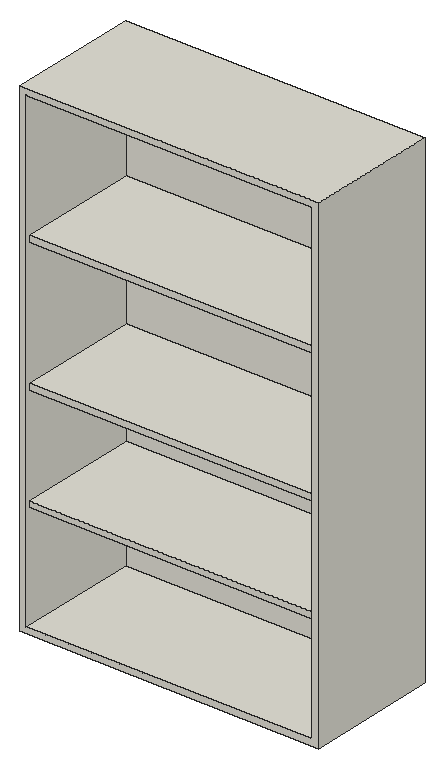
Revit family "Haworth_BeHold_StackOnBookcase", category Furniture Systems, Revit 2018
Family settings
  Round Connector Dimension = Use Diameter
  Part Type = Normal
  OmniClass Number = 23.40.70.14.64.21
  OmniClass Title = Systems Furniture
  Work Plane-Based = No
  Always vertical = Yes
  Cut with Voids When Loaded = No
  Shared = No
  Room Calculation Point = No
Parameters (values of type "59h 36w")
  Width = 36.00"
  Warranty = "http://www.haworth.com/resources/product-info/warranties"
  URL - Product = ""
  URL = "www.haworth.com"
  Sustainability Info = "https://www.haworth.com/company-info/sustainability"
  Standard Widths = "18-36 in. @ 6 in. increments"  # constant formula
  Standard Height = "20-59 in."  # constant formula
  Size = "Verify Final Dim. w/ Haworth"  # constant formula
  Shelf Width = Actual Width - (Panel Thickness * 2)  # 34.50"
  Shelf Height 3 = if(Actual Height < 28.00", 15.25", if(Actual Height < 36.00", 15.25", if(Actual Height < 44.00", 15.25", if(Actual Height < 52.00", 15.25", 15.25"))))  # 15.25"
  Shelf Height 2 = if(Actual Height = 36.00", 15.25", if(Actual Height = 43.00", 11.94", if(Actual Height < 54.00", 15.25", 11.94")))  # 11.94"
  Shelf Height 1 = if(Actual Height < 24.00", 3.63", if(Actual Height < 30.00", 10.44", if(Actual Height < 36.00", 18.44", if(Actual Height < 43.00", 12.75", if(Actual Height = 44.00", 10.44", if(Actual Height < 54.00", 18.44", 12.75"))))))  # 12.75"
  Shelf Depth = Actual Depth - Panel Thickness  # 15.25"
  Revision Number = "1"  # constant formula
  Proud Style = not(Inset Style)  # no
  Panel Thickness = 0.75"  # constant formula
  Mounting Height = 22.00"
  Model = "Haworth Be_Hold"  # constant formula
  Min. Width = 18.00"  # constant formula
  Min. Height = 20.00"  # constant formula
  Max. Width = 36.00"  # constant formula
  Max. Height = 59.00"  # constant formula
  Manufacturer = "Haworth"  # constant formula
  Inset Style Width = Actual Depth - 0.19"  # 15.81"
  Inset Style = yes
  Height = 59.00"
  Description = "Haworth - Be_Hold - Upper Storage - Stack on Bookcase"
  Custom Size = not(and(or(Height = 20.00", Height = 27.00", Height = 28.00", Height = 35.00", Height = 36.00", Height = 43.00", Height = 44.00", Height = 51.00", Height = 52.00", Height = 59.00")))  # no
  Cabinet Finish = Haworth _ Laminate _ Beige H-34
  Base Height = 0.75"  # constant formula
  Author = "Haworth (Abd Rahman)"  # constant formula
  Assembly Code = "E2020200"
  Actual Width = if(Width < Min. Width, Min. Width, if(Width > Max. Width, Max. Width, Width))  # 36.00"
  Actual Shelf 3 = Actual Height > 52.00"  # yes
  Actual Shelf 2 = Actual Height > 35.00"  # yes
  Actual Shelf 1 = Actual Height < 60.00"  # yes
  Actual Height = if(Height > Max. Height, Max. Height, if(Height < Min. Height, Min. Height, Height))  # 59.00"
  Actual Depth = 16.00"  # constant formula
  Standard Depths = "16"  # constant formula
Types (6): name | Shelf Height 2 | Shelf Height 1 | Proud Style | Inset Style | Height | Actual Shelf 3 | Actual Shelf 2 | Actual Height
  28h 36w | 15.25" | 10.44" | no | yes | 28.00" | no | no | 28.00"
  52h 36w | 15.25" | 18.44" | no | yes | 52.00" | no | yes | 52.00"
  44h 36w | 15.25" | 10.44" | no | yes | 44.00" | no | yes | 44.00"
  35h 36w | 15.25" | 18.44" | no | yes | 35.00" | no | no | 35.00"
  20h 36w | 15.25" | 3.63" | yes | no | 20.00" | no | no | 20.00"
  59h 36w | 11.94" | 12.75" | no | yes | 59.00" | yes | yes | 59.00"
Reference planes (in)
  plane 1: z = 0
  plane 2 "Center L/R": x = -6.17556
  plane 3 "Center F/B": y = -11.5
  plane 4 "Top": z = 22
  plane 5 "Back": y = -3.5
  plane 6 "Front": y = -19.5
  plane 7 "Right": x = 11.82444
  plane 8 "Left": x = -24.17556
  plane 9: z = 81
  plane 10: x = 11.07444
  plane 11: x = -23.42556
  plane 12: z = 80.25
  plane 13: z = 22.75
  plane 14: y = -4.25
  plane 15: z = 64.94
  plane 16: z = 48.94
  plane 17: z = 36.25
  plane 18: z = 35.5
  plane 19: z = 48.19
  plane 20: z = 64.19
  plane 21: y = -3.6875
Forms (in)
  Extrusion 1, solid, material "Haworth _ Laminate _ Beige H-34" <- "Cabinet Finish"
    sketch origin (0, 0, 0) x (1, 0, 0) y (0, 1, 0)
      loop
        line (-24.17556, -3.5) -> (-24.17556, -19.5) -> (-23.42556, -19.5) -> (-23.42556, -3.5) -> (-24.17556, -3.5)
      loop
        line (11.82444, -19.5) -> (11.82444, -3.5) -> (11.07444, -3.5) -> (11.07444, -19.5) -> (11.82444, -19.5)
    from 22 to 81
  Extrusion 2, solid, material "Haworth _ Laminate _ Beige H-34" <- "Cabinet Finish", visible <- "Proud Style"
    sketch origin (7, -12, 0) x (1, 0, 0) y (0, 1, 0)
      loop
        line (-30.42556, 8.5) -> (-30.42556, -7.5) -> (4.07444, -7.5) -> (4.07444, 8.5) -> (-30.42556, 8.5)
    from 80.25 to 81
  Extrusion 3, solid, material "Haworth _ Laminate _ Beige H-34" <- "Cabinet Finish"
    sketch origin (0, 0, -58.25) x (1, 0, 0) y (0, 1, 0)
      loop
        line (-24.17556, -3.6875) -> (-24.17556, -19.5) -> (11.82444, -19.5) -> (11.82444, -3.6875) -> (-24.17556, -3.6875)
    from 80.25 to 81
  Extrusion 4, solid, material "Haworth _ Laminate _ Beige H-34" <- "Cabinet Finish", visible <- "Proud Style"
    sketch origin (-17.1098, 32.76663, 0) x (1, 0, 0) y (0, 1, 0)
      loop
        line (-6.31576, -36.26663) -> (-6.31576, -37.01663) -> (28.18424, -37.01663) -> (28.18424, -36.26663) -> (-6.31576, -36.26663)
    from 22 to 80.25
  Extrusion 5, solid, material "Haworth _ Laminate _ Beige H-34" <- "Cabinet Finish"
    sketch origin (0, -0.375, 0) x (1, 0, 0) y (0, 1, 0)
      loop
        line (-23.42556, -3.3125) -> (-23.42556, -4.0625) -> (11.07444, -4.0625) -> (11.07444, -3.3125) -> (-23.42556, -3.3125)
    from 22 to 80.25
  Extrusion 6, solid, material "Haworth _ Laminate _ Beige H-34" <- "Cabinet Finish"
    sketch origin (7, -12, 6) x (1, 0, 0) y (0, 1, 0)
      loop
        line (-30.42556, 8.5) -> (-30.42556, -7.5) -> (4.07444, -7.5) -> (4.07444, 8.5) -> (-30.42556, 8.5)
    from 74.25 to 75
Cuts and joins
  joined: Extrusion 1, Extrusion 3, Extrusion 5, Extrusion 6
  joined: Extrusion 2, Extrusion 4
Lines and regions (in)
  Masking region 1, visible <- "Proud Style"
    outline origin (0, 0, 0) x (1, 0, 0) y (0, 1, 0)
      loop
        line (-24.17556, -3.5) -> (-24.17556, -19.5) -> (11.82444, -19.5) -> (11.82444, -3.5) -> (-24.17556, -3.5)
  Masking region 2, visible <- "Inset Style"
    outline origin (0, 0, 0) x (1, 0, 0) y (0, 1, 0)
      loop
        line (11.82444, -19.5) -> (11.82444, -3.5) -> (11.07444, -3.5) -> (11.07444, -3.6875) -> (-23.42556, -3.6875) -> (-23.42556, -3.5) -> (-24.17556, -3.5) -> (-24.17556, -19.5) -> (11.82444, -19.5)
      loop
        line (-23.42556, -4.25) -> (-23.42556, -19.125) -> (11.07444, -19.125) -> (11.07444, -4.25) -> (-23.42556, -4.25)
  symbolic lines, style "Haworth", visible <- "Proud Style"
    curve 1: line (-23.42556, -3.875, 0) -> (11.07444, -3.875, 0)
    curve 2: line (-23.42556, -19.125, 0) -> (-23.42556, -3.875, 0)
    curve 3: line (11.07444, -19.125, 0) -> (-23.42556, -19.125, 0)
    curve 4: line (11.07444, -3.875, 0) -> (11.07444, -19.125, 0)
    curve 5: line (-23.42556, -3.5, 0) -> (-23.42556, -3.875, 0)
    curve 8: line (11.07444, -3.875, 0) -> (11.07444, -3.5, 0)
  symbolic lines, style "Haworth"
    curve 6: line (-23.42556, -19.125, 0) -> (-23.42556, -19.5, 0)
    curve 7: line (11.07444, -19.125, 0) -> (11.07444, -19.5, 0)
  symbolic lines, style "Haworth", visible <- "Inset Style"
    curve 9: line (-23.42556, -3.6875, 0) -> (-23.42556, -4.4375, 0)
    curve 10: line (11.07444, -3.6875, 0) -> (11.07444, -4.4375, 0)
Dimensions and locks (in)
  equal spacing: plane 8 "Left", plane 2 "Center L/R", plane 7 "Right"
  "Actual Width": plane 8 "Left" to plane 7 "Right"
  equal spacing: plane 5 "Back", plane 3 "Center F/B", plane 6 "Front"
  "Actual Depth": plane 5 "Back" to plane 6 "Front"
  "Actual Height": plane 9 to plane 4 "Top"
  "Mounting Height": plane 4 "Top" to level
  "Panel Thickness": plane 9 to plane 12
  "Base Height": plane 13 to plane 4 "Top"
  "Panel Thickness": plane 10 to plane 7 "Right"
  "Panel Thickness": plane 8 "Left" to plane 11
  "Panel Thickness": plane 14 to plane 5 "Back"
  "Shelf Height 1": plane 18 to plane 13
  "Shelf Height 2": plane 19 to plane 17
  "Shelf Height 3": plane 20 to plane 16
  locked: plane 15 to plane 20 at 0.75
  locked: plane 16 to plane 19 at 0.75
  locked: plane 17 to plane 18 at 0.75
  aligned and locked: plane 2 "Center L/R" to nested 1
  aligned and locked: plane 3 "Center F/B" to nested 1
  aligned and locked: plane 2 "Center L/R" to nested 2
  aligned and locked: plane 3 "Center F/B" to nested 2
  aligned and locked: plane 2 "Center L/R" to nested 3
  aligned and locked: plane 3 "Center F/B" to nested 3
  aligned and locked: plane 17 to nested 1
  aligned and locked: plane 16 to nested 3
  aligned and locked: plane 15 to nested 2
  aligned and locked: nested 1 to plane 18
  aligned and locked: nested 1 to plane 17
  aligned and locked: nested 3 to plane 19
  aligned and locked: nested 3 to plane 16
  aligned and locked: nested 2 to plane 20
  aligned and locked: nested 2 to plane 15
  aligned and locked: Extrusion 1 sketch curve to plane 7 "Right"
  aligned and locked: Extrusion 1 sketch curve to plane 5 "Back"  (x2)
  aligned and locked: plane 10 to Extrusion 1 sketch curve
  aligned and locked: plane 6 "Front" to Extrusion 1 sketch curve  (x2)
  aligned and locked: plane 8 "Left" to Extrusion 1 sketch curve
  aligned and locked: plane 11 to Extrusion 1 sketch curve
  aligned and locked: Extrusion 2 sketch curve to Extrusion 1
  aligned and locked: Extrusion 2 to plane 9
  aligned and locked: Extrusion 2 to plane 12
  aligned and locked: Extrusion 1 to plane 4 "Top"
  aligned and locked: Extrusion 3 to plane 13
  aligned and locked: Extrusion 3 to plane 4 "Top"
  aligned and locked: plane 12 to Extrusion 5
  aligned and locked: plane 12 to Extrusion 4
  aligned and locked: plane 21 to Extrusion 5
  aligned and locked: Extrusion 2 sketch curve to plane 11
  aligned and locked: Extrusion 2 sketch curve to plane 10
  aligned and locked: Extrusion 1 to plane 9
  aligned and locked: plane 5 "Back" to Extrusion 2
  aligned and locked: Extrusion 6 to plane 12
  aligned and locked: Extrusion 6 to plane 9
  aligned and locked: plane 5 "Back" to Extrusion 6
  aligned and locked: Extrusion 3 sketch curve to plane 21
  aligned and locked: Extrusion 4 to plane 4 "Top"
  aligned and locked: Extrusion 5 to plane 4 "Top"
  aligned and locked: plane 14 to cut or joined group of Extrusion 2, Extrusion 4
  aligned and locked: plane 5 "Back" to cut or joined group of Extrusion 2, Extrusion 4
  aligned and locked: plane 10 to Extrusion 4
  aligned and locked: plane 11 to Extrusion 4
  aligned and locked: Masking region 1 sketch curve to cut or joined group of Extrusion 1, Extrusion 3, Extrusion 5, Extrusion 6  (x4)
  aligned and locked: curve 1 to nested 1
  aligned and locked: curve 2 to nested 1
  aligned and locked: curve 3 to nested 1
  aligned and locked: curve 4 to nested 1
  aligned and locked: curve 5 to cut or joined group of Extrusion 1, Extrusion 3, Extrusion 5, Extrusion 6
  aligned and locked: Masking region 2 sketch curve to cut or joined group of Extrusion 1, Extrusion 3, Extrusion 5, Extrusion 6  (x3)
  aligned and locked: Masking region 2 sketch curve to plane 21
  aligned and locked: plane 11 to curve 9
  aligned and locked: curve 7 to plane 10
  aligned and locked: curve 10 to plane 10
  aligned and locked: plane 5 "Back" to Masking region 2  (x2)
  aligned and locked: cut or joined group of Extrusion 1, Extrusion 3, Extrusion 5, Extrusion 6 to plane 8 "Left"
  aligned and locked: plane 7 "Right" to cut or joined group of Extrusion 1, Extrusion 3, Extrusion 5, Extrusion 6
  aligned and locked: Masking region 1 to plane 6 "Front"
  aligned and locked: Masking region 2 to plane 6 "Front"
Automatic sketch dimensions
  Extrusion 3 sketch curve to plane 6 "Front" = 0.00"
  Extrusion 3 sketch curve to plane 8 "Left" = 0.00"
  Extrusion 3 sketch curve to plane 7 "Right" = 0.00"
  curve 7 to plane 6 "Front" = 0.00"
  curve 6 to plane 6 "Front" = 0.00"
  curve 10 to plane 21 = 0.00"
  curve 9 to plane 21 = 0.00"
  curve 8 to plane 5 "Back" = 0.00"
  curve 5 to plane 5 "Back" = 0.00"
  plane 14 to curve 9 = 0.1875"
  plane 14 to curve 10 = 0.1875"
  Extrusion 2 sketch curve to plane 5 "Back" = 0.00"
  Extrusion 4 sketch curve to plane 11 = 0.00"
  Extrusion 4 sketch curve to plane 10 = 0.00"
  plane 14 to Extrusion 4 sketch curve = 0.00"
  Extrusion 4 sketch curve to plane 5 "Back" = 0.00"
  Extrusion 5 sketch curve to plane 11 = 0.00"
  Extrusion 5 sketch curve to plane 10 = 0.00"
  Extrusion 5 sketch curve to plane 21 = 0.00"
  plane 14 to Extrusion 5 sketch curve = 0.1875"
  Extrusion 6 sketch curve to plane 6 "Front" = 0.00"
  Extrusion 6 sketch curve to plane 11 = 0.00"
  Extrusion 6 sketch curve to plane 10 = 0.00"
  Extrusion 6 sketch curve to plane 5 "Back" = 0.00"
  Masking region 2 sketch curve to plane 11 = 0.00"  (x2)
  Masking region 2 sketch curve to plane 10 = 0.00"  (x2)
  plane 14 to Masking region 2 sketch curve = 0.00"
  plane 5 "Back" to Masking region 2 sketch curve = 0.00"
  Masking region 2 sketch curve to plane 5 "Back" = 0.00"
  plane 6 "Front" to Masking region 2 sketch curve = 0.375"
Nested families (in)
  nested 1: "Haworth_Shelf" at (-14.42556, -15.75, 35.5), type "Haworth_Shelf"
    with Shelf Depth 15.25"
  nested 2: "Haworth_Shelf" at (-14.42556, -15.75, 64.19), visible <- "Actual Shelf 3", type "Haworth_Shelf"
    with Shelf Depth 15.25"
  nested 3: "Haworth_Shelf" at (-14.42556, -15.75, 48.19), visible <- "Actual Shelf 2", type "Haworth_Shelf"
    with Shelf Depth 15.25"
Definition of nested family "Haworth_Shelf"
  Parameters (values of type "Haworth_Shelf")
    Warranty = ""
    URL - Product = ""
    URL = "www.haworth.com"
    Sustainability Info = ""
    Size = "Verify Final Dim. w/ Haworth"  # constant formula
    Shelf Width = 34.50"
    Shelf Thickness = 0.75"
    Shelf Finish = none
    Shelf Depth = 13.25"
    Revision Number = ""
    OmniClass Number = ""
    Material Options = ""
    Manufacturer = "Haworth"  # constant formula
    LEED Data = ""
    Author = "SHAPE Environments, LLC"  # constant formula
    Assembly Code = ""
  Reference planes (in)
    plane 1 "Center F/B": y = 4.25
    plane 2: z = 0
    plane 3 "Center L/R": x = 8.25
    plane 4 "Panel Left": x = -9
    plane 5 "Panel Right": x = 25.5
    plane 6 "Panel Back": y = 10.875
    plane 7 "Panel Front": y = -2.375
    plane 8 "Panel Top": z = 0.75
    plane 9 "Center (T/B)": z = 0.375
  Forms (in)
    Extrusion 1, solid, material <- "Shelf Finish"
      sketch origin (0, 0, 0) x (1, 0, 0) y (0, 1, 0)
        loop
          line (-9, 10.875) -> (-9, -2.375) -> (25.5, -2.375) -> (25.5, 10.875) -> (-9, 10.875)
      from 0 to 0.75
  Dimensions and locks (in)
    equal spacing: plane 6 "Panel Back", plane 1 "Center F/B", plane 7 "Panel Front"
    "Shelf Depth": plane 6 "Panel Back" to plane 7 "Panel Front"
    equal spacing: plane 4 "Panel Left", plane 3 "Center L/R", plane 5 "Panel Right"
    "Shelf Width": plane 4 "Panel Left" to plane 5 "Panel Right"
    "Shelf Thickness": plane 8 "Panel Top" to level
    equal spacing: plane 8 "Panel Top", plane 9 "Center (T/B)", level
    aligned and locked: plane 4 "Panel Left" to Extrusion 1 sketch curve
    aligned and locked: Extrusion 1 sketch curve to plane 6 "Panel Back"
    aligned and locked: Extrusion 1 sketch curve to plane 7 "Panel Front"
    aligned and locked: Extrusion 1 sketch curve to plane 5 "Panel Right"
    aligned and locked: plane 8 "Panel Top" to Extrusion 1
